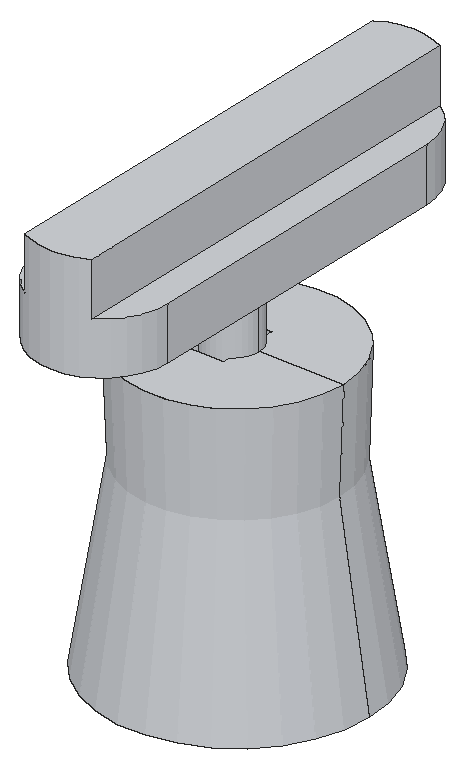
Revit family "S90-SPOT BL 2000 DALI 930 25°_Unhosted", category Lighting Fixtures, Revit 2016
Family settings
  Part Type = Normal
  Round Connector Dimension = Use Diameter
  OmniClass Number = 23.80.70.00
  OmniClass Title = Lighting
  Work Plane-Based = Yes
  Always vertical = Yes
  Cut with Voids When Loaded = No
  Light Source = Yes
  Shared = No
  Room Calculation Point = No
Parameters
  Wiring Accessories = ""
  Width = 100 mm
  Wattage Comments = ""
  Wattage = 19 W
  VoltageMax = 240 V
  built-in parameter 1150110 = 1 (stored number, unit not read)
  Voltage = 220 V
  UpdateDate = "16.10.2020 07:42:45"
  URL UK = "http://glamox.com/uk/products/S90-SPOT"
  URL Sweden = "http://glamox.com/se/produkter/S90-SPOT/items/S90225515"
  URL Russia = "http://glamox.com/ru/products/S90-SPOT/items/S90225515"
  URL Other = "http://glamox.com/gsx/products/S90-SPOT/items/S90225515"
  URL Norway = "http://glamox.com/no/produkter/S90-SPOT/items/S90225515"
  URL Ireland = "http://glamox.com/ie/products/S90-SPOT"
  URL Germany = "http://glamox.com/de/products/S90-SPOT"
  URL Finland = "http://glamox.com/fi/products/S90-SPOT"
  URL Estonia = "http://glamox.com/ee/products/S90-SPOT"
  URL Denmark = "http://glamox.com/dk/produkter/S90-SPOT"
  URL = ""
  TypeOfEmergency = ""
  TypeOfBallast = "DALI"
  TotalWattage = 19 W
  Total Load = 19 W
  built-in parameter 1114217 = 1 (stored number, unit not read)
  Tilt Angle = 90.00°
  Termination = ""
  built-in parameter 1150109 = 1 (stored number, unit not read)
  built-in parameter 1150134 = 3
  built-in parameter 1150113 = 1 (stored number, unit not read)
  Specification = "Spotlight luminaries, in Aluminium, for Surface/Track mounting, IP20, light source LED, lumen out 2310lm, ballast type DALI."
  Remark = ""
  RatedVoltage = 220 V
  PowerFactor = 98.00%
  Power factor = 0.98
  Power Factor = 0.98
  Plug Type = ""
  Photometric Web File = "S90-SPOT-2000-DALI-930-25.ies"
  Optic = ""
  NumberOfSources = 1
  Number of Poles = 1
  built-in parameter 1150142 = "IESNA:LM-63-1995\r\n[TEST]\t\t225511\r\n[MANUFAC]\tGlamox\r\n[LUMCAT]\t225511\r\n[LUMINAIRE]\tS90-SPOT 2000 DALI 930 25�\r\n[LAMP]\t\tS90-S 2000 930\r\n[DATE]\t\t2020-10-02\r\nTILT=NONE\r\n1 2310.0 2.310 181 1 1 2 -0.07 -0.07 0\r\n1.0 1 19.0\r\n0.0 1.0 2.0 3.0 4.0 5.0 6.0 7.0 8.0 9.0 10.0 11.0 12.0 13.0 14.0 15.0 16.0 17.0 18.0 19.0 20.0 21.0 22.0 23.0 24.0 25.0 26.0 27.0\r\n 28.0 29.0 30.0 31.0 32.0 33.0 34.0 35.0 36.0 37.0 38.0 39.0 40.0 41.0 42.0 43.0 44.0 45.0 46.0 47.0 48.0 49.0 50.0 51.0 52.0 53.0\r\n 54.0 55.0 56.0 57.0 58.0 59.0 60.0 61.0 62.0 63.0 64.0 65.0 66.0 67.0 68.0 69.0 70.0 71.0 72.0 73.0 74.0 75.0 76.0 77.0 78.0 79.0\r\n 80.0 81.0 82.0 83.0 84.0 85.0 86.0 87.0 88.0 89.0 90.0 91.0 92.0 93.0 94.0 95.0 96.0 97.0 98.0 99.0 100.0 101.0 102.0 103.0 104.0\r\n 105.0 106.0 107.0 108.0 109.0 110.0 111.0 112.0 113.0 114.0 115.0 116.0 117.0 118.0 119.0 120.0 121.0 122.0 123.0 124.0 125.0\r\n 126.0 127.0 128.0 129.0 130.0 131.0 132.0 133.0 134.0 135.0 136.0 137.0 138.0 139.0 140.0 141.0 142.0 143.0 144.0 145.0 146.0\r\n 147.0 148.0 149.0 150.0 151.0 152.0 153.0 154.0 155.0 156.0 157.0 158.0 159.0 160.0 161.0 162.0 163.0 164.0 165.0 166.0 167.0\r\n 168.0 169.0 170.0 171.0 172.0 173.0 174.0 175.0 176.0 177.0 178.0 179.0 180.0\r\n0.0\r\n3604.9 3529.4 3450.3 3371.1 3291.9 3212.8 3057.2 2843.7 2630.2 2416.6 2203.1 1993.5 1811.2 1628.8 1446.4 1264.1 1081.7 966.8 880.2\r\n 793.5 706.9 620.3 548.7 517.9 487.0 456.1 425.3 394.4 375.4 358.6 341.9 325.1 308.4 286.2 256.0 225.7 195.5 165.3 135.2 113.7\r\n 92.4 71.2 50.0 28.7 18.2 15.9 13.6 11.4 9.1 8.0 7.5 7.1 6.6 6.1 5.7 5.3 5.0 4.6 4.3 4.0 3.9 0.0 0.0 0.0 0.0 0.0 0.0 0.0 0.0 0.0\r\n 0.0 0.0 0.0 0.0 0.0 0.0 0.0 0.0 0.0 0.0 0.0 0.0 0.0 0.0 0.0 0.0 0.0 0.0 0.0 0.0 0.0 0.0 0.0 0.0 0.0 0.0 0.0 0.0 0.0 0.0 0.0 0.0\r\n 0.0 0.0 0.0 0.0 0.0 0.0 0.0 0.0 0.0 0.0 0.0 0.0 0.0 0.0 0.0 0.0 0.0 0.0 0.0 0.0 0.0 0.0 0.0 0.0 0.0 0.0 0.0 0.0 0.0 0.0 0.0 0.0\r\n 0.0 0.0 0.0 0.0 0.0 0.0 0.0 0.0 0.0 0.0 0.0 0.0 0.0 0.0 0.0 0.0 0.0 0.0 0.0 0.0 0.0 0.0 0.0 0.0 0.0 0.0 0.0 0.0 0.0 0.0 0.0 0.0\r\n 0.0 0.0 0.0 0.0 0.0 0.0 0.0 0.0 0.0 0.0 0.0 0.0 0.0 0.0 0.0\r\n\r\n"
  NominalFrequencyRange = 50 Hz
  ModelReference = "S90-SPOT"
  ModelLabel = "S90-SPOT BL 2000 DALI 930 25°"
  MaintenanceFactor = 0
  MFArtNo = "S90225515"
  built-in parameter 1150105 = 183.82 (stored number, unit not read)
  Lumens = 2310 lm
  built-in parameter 1150115 = 1 (stored number, unit not read)
  LumLenght = 80 mm
  Load Classification [instance] = Other
  Model = ""
  Manufacturer = "Glamox"
  LightFixturePlacingType = "CEILING"
  LightFixtureMountingType = "TRACKMOUNTED"
  built-in parameter 1150137 = (empty or 0)
  built-in parameter 1150139 = (empty or 0)
  LampBase = ""
  Lamp Wattage Comments = ""
  built-in parameter 1150112 = 1 (stored number, unit not read)
  built-in parameter 1150114 = 1 (stored number, unit not read)
  Lamp = "LED"
  built-in parameter 1150132 = 2
  built-in parameter 1150102 = (empty or 0)
  built-in parameter 1150107 = 3200 (stored number, unit not read)
  built-in parameter 1150138 = (empty or 0)
  built-in parameter 1150106 = 1.8382 (stored number, unit not read)
  IP_Code = "20"
  IPClass = "20"
  IK_Code = ""
  IFC Classification = "Light Fixture"
  Height = 157 mm
  GlobalTradeItemNumber = "7020940420938"
  Glamox Mounting = "Surface"
  Glamox Family = "S90-SPOT"
  Glamox Category = "Spotlights"
  FrequencyMax = 60 Hz
  Frequency = 50 Hz
  Expired = "0"
  Emit from Circle Diameter = LumLenght  # 80 mm
  Emit Shape Visible in Rendering = no
  built-in parameter 1150104 = 11.295 (stored number, unit not read)
  ELNo Norway = ""
  ELNo Finland = ""
  EANNo = "7020940420938"
  DurationInBatteryMode = ""
  Dimming Lamp Color Temperature Shift = <None>
  Description = "S90-SPOT BL 2000 DALI 930 25°"
  Default Elevation = 1800 mm
  Cut Out = ""
  Completion = ""
  Color Filter = 16777215
  Body Material and Colour = Default
  built-in parameter 1114218 = 1 (stored number, unit not read)
  built-in parameter 1150133 = 10 (stored number, unit not read)
  Assembly Code = ""
  ArticleNumber = "S90225515"
  Apparent Load = 17 VA
  #Tubes = 1
  #Ballast = 1
  # ballast on a MCB16 type B fuse = "60"
Reference planes
  plane 1 "Light Source Axis (F/B)": y = 152.873
  plane 2 "Top": z = 150
  plane 3 "Light Source Axis (L/R)": x = -142.881
  plane 4 "Level": z = 0
  plane 5: x = -101.916
  plane 6: x = -181.916
Forms (mm)
  Extrusion 1, solid, not visible
    sketch origin (-129.684, 239.416, 0) x (1, 0, 0) y (0, 1, 0)
      loop
        line (-17.232, 209.833) -> (-17.232, 149.833) -> (-7.232, 149.833) -> (-7.232, 209.833) -> (-17.232, 209.833)
    from 0 to 25
  Extrusion 2, solid, not visible
    sketch origin (-129.684, 239.416, 0) x (1, 0, 0) y (0, 1, 0)
      loop
        line (-27.232, 209.833) -> (-27.232, 149.833) -> (2.768, 149.833) -> (2.768, 209.833) -> (-27.232, 209.833)
    from -10 to 0
  Extrusion 3, solid, not visible
    sketch origin (-129.684, 239.416, 0) x (1, 0, 0) y (0, 1, 0)
      loop
        circle (-12.232, 162.289) r 12.544
    from -18 to -10
  Blend 4, solid, not visible
    base sketch origin (-129.684, 239.416, 0) x (1, 0, 0) y (0, 1, 0)
      loop
        line (37.768, 220.598) -> (-62.232, 220.598) -> (-62.232, 174.833) -> (37.768, 174.833) -> (37.768, 220.598)
    top sketch origin (-129.684, 239.416, 0) x (1, 0, 0) y (0, 1, 0)
      loop
        line (-52.232, 216.058) -> (-52.232, 179.833) -> (27.768, 179.833) -> (27.768, 216.058) -> (-52.232, 216.058)
    from -18 to -148
  Extrusion 5, solid, not visible
    sketch origin (-129.684, 124.833, 0) x (1, 0, 0) y (0, 0, 1)
      loop
        arc (-52.232, -148) -> (-12.232, -163) -> (27.768, -148) r 60.833
        line (27.768, -148) -> (-52.232, -148)
    from -330.641 to -294.416
  Blend 6, solid, not visible
    base sketch origin (-129.684, 124.833, 0) x (1, 0, 0) y (0, 0, 1)
      loop
        line (-60.45, -41.166) -> (35.986, -41.166) -> (37.768, -18) -> (-62.232, -18) -> (-60.45, -41.166)
    top sketch origin (-129.684, 124.833, 0) x (1, 0, 0) y (0, 0, 1)
      loop
        line (-62.232, -41.166) -> (37.768, -41.166) -> (37.768, -18) -> (-62.232, -18) -> (-62.232, -41.166)
    from -294.416 to -264.416
  Extrusion 7, solid, not visible
    sketch origin (-129.684, 239.416, 0) x (1, 0, 0) y (0, 1, 0)
      loop
        arc (-62.232, 149.833) -> (-12.232, 141.833) -> (37.768, 149.833) r 160.25
        line (37.768, 149.833) -> (-62.232, 149.833)
    from -41.166 to -18
  Extrusion 8, solid, not visible
    sketch origin (-58.315, 239.416, 0) x (1, 0, 0) y (0, 1, 0)
      loop
        line (-17.232, 209.833) -> (-17.232, 149.833) -> (-7.232, 149.833) -> (-7.232, 209.833) -> (-17.232, 209.833)
    from 0 to 25
  Extrusion 9, solid, not visible
    sketch origin (-58.315, 239.416, 0) x (1, 0, 0) y (0, 1, 0)
      loop
        line (-27.232, 209.833) -> (-27.232, 149.833) -> (2.768, 149.833) -> (2.768, 209.833) -> (-27.232, 209.833)
    from -10 to 0
  Extrusion 10, solid, not visible
    sketch origin (-58.315, 239.416, 0) x (1, 0, 0) y (0, 1, 0)
      loop
        circle (-12.232, 162.289) r 12.544
    from -18 to -10
  Blend 11, solid, not visible
    base sketch origin (-58.315, 239.416, 0) x (1, 0, 0) y (0, 1, 0)
      loop
        line (37.768, 220.598) -> (-62.232, 220.598) -> (-62.232, 174.833) -> (37.768, 174.833) -> (37.768, 220.598)
    top sketch origin (-58.315, 239.416, 0) x (1, 0, 0) y (0, 1, 0)
      loop
        line (-52.232, 216.058) -> (-52.232, 179.833) -> (27.768, 179.833) -> (27.768, 216.058) -> (-52.232, 216.058)
    from -18 to -148
  Extrusion 12, solid, not visible
    sketch origin (-58.315, 124.833, 0) x (1, 0, 0) y (0, 0, 1)
      loop
        arc (-52.232, -148) -> (-12.232, -163) -> (27.768, -148) r 60.833
        line (27.768, -148) -> (-52.232, -148)
    from -330.641 to -294.416
  Blend 13, solid, not visible
    base sketch origin (-58.315, 124.833, 0) x (1, 0, 0) y (0, 0, 1)
      loop
        line (-60.45, -41.166) -> (35.986, -41.166) -> (37.768, -18) -> (-62.232, -18) -> (-60.45, -41.166)
    top sketch origin (-58.315, 124.833, 0) x (1, 0, 0) y (0, 0, 1)
      loop
        line (-62.232, -41.166) -> (37.768, -41.166) -> (37.768, -18) -> (-62.232, -18) -> (-62.232, -41.166)
    from -294.416 to -264.416
  Extrusion 14, solid, not visible
    sketch origin (-58.315, 239.416, 0) x (1, 0, 0) y (0, 1, 0)
      loop
        arc (-62.232, 149.833) -> (-12.232, 141.833) -> (37.768, 149.833) r 160.25
        line (37.768, 149.833) -> (-62.232, 149.833)
    from -41.166 to -18
  Revolve 15, solid
    sketch origin (-140.07, 150, 149.693) x (-1, 0, 0) y (0, 0, -1)
      loop
        line (0, 142) -> (-40, 142) -> (-48.5, 157) -> (-50, 157)
        spline (-50, 157) -> (-46.252, 136.273) -> (-43.426, 120.352) -> (-41.393, 108.498) -> (-40.024, 99.971) -> (-39.194, 94.031) -> (-38.772, 89.94) -> (-38.632, 86.956) -> (-38.657, 84.265) -> (-38.811, 80.546) -> (-39.089, 74.277) -> (-39.487, 63.937) -> (-40, 48)
        line (-40, 48) -> (0, 48) -> (0, 142)
      axis (0, 157) -> (0, 48)
    angle from 0 to 360
  Extrusion 16, solid
    sketch origin (-142.038, 150, 149.598) x (-1, 0, 0) y (0, 0, -1)
      loop
        line (-24.5, 20) -> (-24.5, 0) -> (-12.5, 0) -> (-12.5, -20) -> (12.5, -20) -> (12.5, 0) -> (24.5, 0) -> (24.5, 20) -> (-24.5, 20)
    from -85.5 to 85.5
  Extrusion 17, void
    sketch origin (-142.038, 150, 149.598) x (0, 1, 0) y (-1, 0, 0)
      loop
        line (61, -40) -> (95.5, -40) -> (95.5, 45) -> (61, 45) -> (61, 24.5)
        arc (61, 24.5) -> (85.5, 0) -> (61, -24.5) r 24.5
        line (61, -24.5) -> (61, -40)
    from -20 to 20
  Extrusion 18, void
    sketch origin (-142.038, 150, 149.598) x (0, 1, 0) y (-1, 0, 0)
      loop
        line (-61, -40) -> (-61, -24.5)
        arc (-61, -24.5) -> (-85.5, 0) -> (-61, 24.5) r 24.5
        line (-61, 24.5) -> (-61, 45) -> (-95.5, 45) -> (-95.5, -40) -> (-61, -40)
    from -20 to 20
  Extrusion 19, solid
    sketch origin (-142.038, 150, 149.598) x (0, 1, 0) y (-1, 0, 0)
      loop
        circle (0, 0) r 10
    from -87.601 to -20
  Extrusion 20, void
    sketch origin (-205.73, 150, 149.693) x (0, 1, 0) y (0, 0, -1)
      loop
        line (-11.27, 48) -> (11.211, 48) -> (11.211, 75.942)
        arc (11.211, 75.942) -> (-0.03, 87.183) -> (-11.27, 75.942) r 11.241
        line (-11.27, 75.942) -> (-11.27, 48)
    from -69.547 to -24.761
Cuts and joins
  Extrusion 17, Extrusion 18 cuts Extrusion 16
  Extrusion 20 cuts Revolve 15
Lines and regions (mm)
  symbolic lines
    curve 1: circle (-142.881, 152.873, 0) r 49.326 normal (0, 0, 1)
    curve 2: arc (-203.555, 152.873, 0) -> (-143.555, 212.873, 0) -> (-83.555, 152.873, 0) r 60
    curve 3: line (-142.881, 152.873, 0) -> (-177.76, 117.995, 0)
    curve 4: line (-142.881, 152.873, 0) -> (-177.76, 187.752, 0)
    curve 5: line (-142.881, 152.873, 0) -> (-108.002, 187.752, 0)
    curve 6: line (-142.881, 152.873, 0) -> (-108.002, 117.995, 0)
Dimensions and locks
  locked: plane 1 "Light Source Axis (F/B)" to curve 3 (angle 45.00°)
  locked: curve 4 to plane 1 "Light Source Axis (F/B)" (angle 45.00°)
  locked: curve 5 to curve 4 (angle 90.00°)
  locked: curve 3 to curve 6 (angle 90.00°)
  aligned and locked: imposter light to plane 3 "Light Source Axis (L/R)"
  aligned and locked: imposter light to plane 1 "Light Source Axis (F/B)"
  aligned and locked: Extrusion 18 to Extrusion 17
Connectors
  electrical at (-160.538, 150, 149.598), driven by "Load Classification", driven by "Voltage", driven by "Apparent Load", driven by "Power factor"
    settings: on cut or joined group of Extrusion 16, Extrusion 17, Extrusion 18, index 1, voltage 220 V, apparent load 0 VA, apparent load phase1 17 VA, apparent load phase2 0 VA, apparent load phase3 0 VA, power factor 0.98, load classification "Other", number of poles 1, system type 31, power factor state 1, is connector primary yes, connector utility no, sub classification motor no, connector description ""
